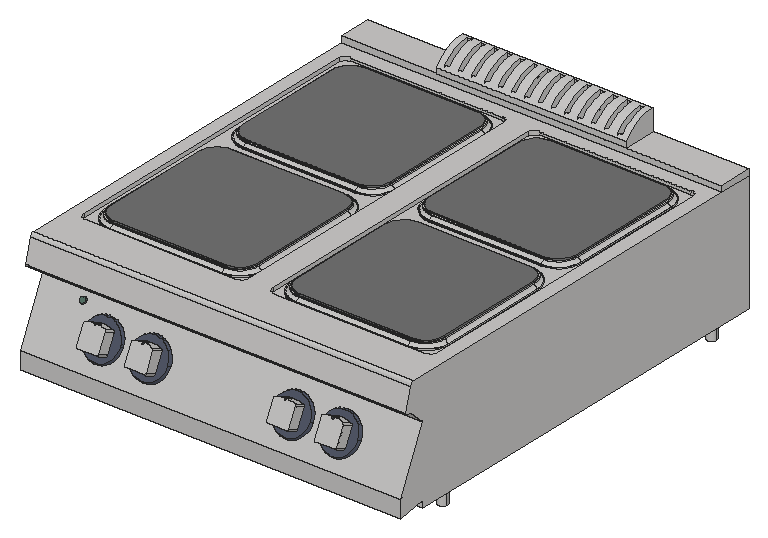
Revit family "QF_ZANUSSI_392040_Z9ECEH4Q00", category Specialty Equipment, Revit 2018
Family settings
  Round Connector Dimension = Use Diameter
  Part Type = Normal
  Work Plane-Based = No
  Always vertical = Yes
  Cut with Voids When Loaded = No
  Shared = No
  Room Calculation Point = No
Parameters
  Width = 800 mm  # constant formula
  Weight in Pounds = 69  # constant formula
  Weight = 0.00 kg
  Watts = 16000 W  # constant formula
  Volts = 400 V  # constant formula
  URL Manufacturer = "http://www.zanussiprofessional.com"
  URL Cutsheet = "www.electrolux.com/foodservice"
  URL = "http://www.zanussiprofessional.com"
  Type Mark [instance] = ""
  Steam Supply Size = 0"
  Steam Supply Minimum Pressure = 0.00 psi
  Steam Supply Maximum Pressure = 0.00 psi
  Steam Pounds per Hour = 0
  Status [instance] = ""
  Specification by User [instance] = ""
  Specification by Manufacturer = ""
  Show Logo [instance] = yes
  Show Clearance [instance] = yes
  Serial Number = ""
  Seismic Rating = ""
  SMACNA No = ""
  Revision Code [instance] = ""
  Refrigeration Suction Line Size = 0"
  Refrigeration Liquid Line Size = 0"
  Refrigerant Compressor Remote = yes
  Phase = 3  # constant formula
  Omniclass Number and Title = ""
  Number of Poles [instance] = 1
  NAFEM Spec ID Number = ""
  Model = "Z9ECEH4Q00"
  Min Ckt Ampacity = 0 A
  Max Overcurrent Protection = 0 A
  Masterspec = ""
  Manufacturer = "Zanussi"
  Length Actual = 800 mm  # constant formula
  Item Number [instance] = "392040"
  Installed By [instance] = ""
  Identify Quantity as Lot [instance] = yes
  Hot Water Size = 0"
  Height Actual = 250 mm  # constant formula
  Height = 332 mm  # constant formula
  HP = "21.5 HP"
  Gas Size = 0"
  Gas KW = 0
  Gas Input Pressure = 0.0 Btu/h
  Furnished By [instance] = ""
  Foodservice Equipment Identifier [instance] = yes
  FL Amps = if(Phase = 3, Watts / (Volts * 1.73), Watts / Volts)  # 23.1214 A
  Electrical Remarks [instance] = "400 V/3N ph/50/60 Hz"  # constant formula
  Electric Connection Type [instance] = ""
  Elec Conn RI Height [instance] = 0 mm
  Elec Conn Connection Height [instance] = 0 mm
  Direct Waste Size = 0"
  Description = "4-HOT SQUARE PL. ELEC.BOILING TOP 800 MM"
  Depth Actual = 900 mm  # constant formula
  Depth = 915 mm  # constant formula
  Cycle = if([60 Hertz Option], 60 Hz, 50 Hz)  # 60 Hz
  Conn Plug = ""
  Conn Conduit = yes
  Condensate Return Size = 0"
  Compressed Air Volume = 0 GPM
  Compressed Air Size = 0"
  Compressed Air Pressure = 0.00 psi
  Cold Water Size = 0"
  CSI MasterFormat = ""
  CSI Master Format = ""
  Base Height [instance] = 24 mm  # constant formula
  Apparent Power = if(Phase = 3, Volts * FL Amps * 1.73, Volts * FL Amps)  # 16000 VA
  Accessory = yes
  60 Hertz Option = not([50 Hertz Option])  # yes
  50 Hertz Option = no
Reference planes
  plane 1 "BACK": y = 0
  plane 2: z = 0
  plane 3 "LEFT": x = 0
  plane 4 "RIGHT": x = 800
  plane 5 "FRONT": y = -915
  plane 6 "TOP": z = 332
  plane 7 "Center Y": x = 400
  plane 8 "Center X": y = -457.5
  plane 9 "BASE": z = 24
  plane 10 "TOP A": z = 274
  plane 11: y = -790
  plane 12: y = -915
  plane 13: y = -82
  plane 14: y = -609
  plane 15: y = -583
  plane 16: y = -900
Forms (mm)
  Extrusion 1, solid, material "QF_Finishes_Stainless Steel"
    sketch origin (0, 0, 0) x (0, 1, 0) y (0, 0, 1)
      loop
        line (0, 24) -> (0, 274) -> (-879.358, 274)
        arc (-879.358, 274) -> (-884.643, 271.811) -> (-886.833, 266.526) r 7.474
        line (-886.833, 266.526) -> (-899.884, 221.011)
        arc (-899.884, 221.011) -> (-899.396, 218.379) -> (-897, 217.184) r 3
        line (-897, 217.184) -> (-886.802, 217.184) -> (-854.982, 185.364) -> (-915, 64.508) -> (-915, 29.508) -> (-858.645, 37.428)
        arc (-858.645, 37.428) -> (-856.101, 36.674) -> (-855, 34.259) r 3.2
        line (-855, 34.259) -> (-855, 24) -> (0, 24)
    from 0 to 800
  Extrusion 2, void
    sketch origin (0, -198.623, 273.238) x (-1, 0, 0) y (0, -1, 0)
      loop
        arc (-42.5, -101.089) -> (-31.893, -96.696) -> (-27.5, -86.089) r 15
        line (-27.5, -86.089) -> (-27.5, 583.262)
        arc (-27.5, 583.262) -> (-31.893, 593.868) -> (-42.5, 598.262) r 15
        line (-42.5, 598.262) -> (-359.751, 598.262)
        arc (-359.751, 598.262) -> (-370.358, 593.868) -> (-374.751, 583.262) r 15
        line (-374.751, 583.262) -> (-374.751, -86.089)
        arc (-374.751, -86.089) -> (-370.358, -96.696) -> (-359.751, -101.089) r 15
        line (-359.751, -101.089) -> (-42.5, -101.089)
      loop
        line (-757.5, -101.089) -> (-440.249, -101.089)
        arc (-440.249, -101.089) -> (-429.642, -96.696) -> (-425.249, -86.089) r 15
        line (-425.249, -86.089) -> (-425.249, 583.262)
        arc (-425.249, 583.262) -> (-429.642, 593.868) -> (-440.249, 598.262) r 15
        line (-440.249, 598.262) -> (-757.5, 598.262)
        arc (-757.5, 598.262) -> (-768.107, 593.868) -> (-772.5, 583.262) r 15
        line (-772.5, 583.262) -> (-772.5, -86.089)
        arc (-772.5, -86.089) -> (-768.107, -96.696) -> (-757.5, -101.089) r 15
    from 1.763 to -6.35
  Extrusion 3, solid, material "QF_Finishes_Stainless Steel"
    sketch origin (0, -198.623, 0) x (1, 0, 0) y (0, 1, 0)
      loop
        circle (11.112, 116.623) r 9.525
      loop
        circle (11.112, -591.377) r 9.525
      loop
        circle (788.887, 116.623) r 9.525
      loop
        circle (788.888, -591.377) r 9.525
    from 0 to 24
  Extrusion 4, solid, material "QF_Clearances", visible <- "Show Clearance", detail levels coarse
    sketch origin (0, -198.623, 0) x (1, 0, 0) y (0, 1, 0)
      loop
        line (0, -716.377) -> (0, 198.623) -> (800, 198.623) -> (800, -716.377) -> (900.019, -716.377) -> (900.019, 298.642) -> (-100.019, 298.642) -> (-100.019, -716.377) -> (0, -716.377)
    from 0 to 332
  Extrusion 5, solid, material "QF_Finishes_Stainless Steel"
    sketch origin (0, -198.623, 266.888) x (-1, 0, 0) y (0, -1, 0)
      loop
        arc (-86.725, 266.377) -> (-58.441, 278.092) -> (-46.725, 306.377) r 40
        line (-46.725, 306.377) -> (-46.725, 541.377)
        arc (-46.725, 541.377) -> (-58.441, 569.661) -> (-86.725, 581.377) r 40
        line (-86.725, 581.377) -> (-321.725, 581.377)
        arc (-321.725, 581.377) -> (-350.009, 569.661) -> (-361.725, 541.377) r 40
        line (-361.725, 541.377) -> (-361.725, 306.377)
        arc (-361.725, 306.377) -> (-350.009, 278.092) -> (-321.725, 266.377) r 40
        line (-321.725, 266.377) -> (-86.725, 266.377)
      loop
        line (-86.725, 230.796) -> (-321.725, 230.796)
        arc (-321.725, 230.796) -> (-350.009, 219.08) -> (-361.725, 190.796) r 40
        line (-361.725, 190.796) -> (-361.725, -44.204)
        arc (-361.725, -44.204) -> (-350.009, -72.488) -> (-321.725, -84.204) r 40
        line (-321.725, -84.204) -> (-86.725, -84.204)
        arc (-86.725, -84.204) -> (-58.441, -72.488) -> (-46.725, -44.204) r 40
        line (-46.725, -44.204) -> (-46.725, 190.796)
        arc (-46.725, 190.796) -> (-58.441, 219.08) -> (-86.725, 230.796) r 40
      loop
        line (-713.275, 266.377) -> (-478.275, 266.377)
        arc (-478.275, 266.377) -> (-449.991, 278.092) -> (-438.275, 306.377) r 40
        line (-438.275, 306.377) -> (-438.275, 541.377)
        arc (-438.275, 541.377) -> (-449.991, 569.661) -> (-478.275, 581.377) r 40
        line (-478.275, 581.377) -> (-713.275, 581.377)
        arc (-713.275, 581.377) -> (-741.559, 569.661) -> (-753.275, 541.377) r 40
        line (-753.275, 541.377) -> (-753.275, 306.377)
        arc (-753.275, 306.377) -> (-741.559, 278.092) -> (-713.275, 266.377) r 40
      loop
        arc (-713.275, 230.796) -> (-741.559, 219.08) -> (-753.275, 190.796) r 40
        line (-753.275, 190.796) -> (-753.275, -44.204)
        arc (-753.275, -44.204) -> (-741.559, -72.488) -> (-713.275, -84.204) r 40
        line (-713.275, -84.204) -> (-478.275, -84.204)
        arc (-478.275, -84.204) -> (-449.991, -72.488) -> (-438.275, -44.204) r 40
        line (-438.275, -44.204) -> (-438.275, 190.796)
        arc (-438.275, 190.796) -> (-449.991, 219.08) -> (-478.275, 230.796) r 40
        line (-478.275, 230.796) -> (-713.275, 230.796)
    from 0 to 10
  Sweep 6, solid, material "QF_Finishes_Stainless Steel"
    path origin (0, -198.623, 276.888) x (-1, 0, 0) y (0, -1, 0)
      loop
        line (-46.725, 306.377) -> (-46.725, 541.377)
        arc (-46.725, 541.377) -> (-58.441, 569.661) -> (-86.725, 581.377) r 40
        line (-86.725, 581.377) -> (-321.725, 581.377)
        arc (-321.725, 581.377) -> (-350.009, 569.661) -> (-361.725, 541.377) r 40
        line (-361.725, 541.377) -> (-361.725, 306.377)
        arc (-361.725, 306.377) -> (-350.009, 278.092) -> (-321.725, 266.377) r 40
        line (-321.725, 266.377) -> (-86.725, 266.377)
        arc (-86.725, 266.377) -> (-58.441, 278.092) -> (-46.725, 306.377) r 40
    profile origin (46.725, -622.5, 276.888) x (1, 0, 0) y (0, 0, 1)
      loop
        arc (0, -1.759) -> (-2.638, -5.472) -> (-6.35, -8.109) r 13.651
        line (-6.35, -8.109) -> (-8.064, -8.109) -> (-8.064, -10) -> (0, -10) -> (0, -1.759)
  Sweep 7, solid, material "QF_Finishes_Stainless Steel"
    path origin (0, 151.957, 276.888) x (-1, 0, 0) y (0, -1, 0)
      loop
        line (-46.725, 306.377) -> (-46.725, 541.377)
        arc (-46.725, 541.377) -> (-58.441, 569.661) -> (-86.725, 581.377) r 40
        line (-86.725, 581.377) -> (-321.725, 581.377)
        arc (-321.725, 581.377) -> (-350.009, 569.661) -> (-361.725, 541.377) r 40
        line (-361.725, 541.377) -> (-361.725, 306.377)
        arc (-361.725, 306.377) -> (-350.009, 278.092) -> (-321.725, 266.377) r 40
        line (-321.725, 266.377) -> (-86.725, 266.377)
        arc (-86.725, 266.377) -> (-58.441, 278.092) -> (-46.725, 306.377) r 40
    profile origin (46.725, -271.919, 276.888) x (1, 0, 0) y (0, 0, 1)
      loop
        arc (0, -1.759) -> (-2.638, -5.472) -> (-6.35, -8.109) r 13.651
        line (-6.35, -8.109) -> (-8.064, -8.109) -> (-8.064, -10) -> (0, -10) -> (0, -1.759)
  Extrusion 8, solid, material "QF_Finishes_Rubber Black"
    sketch origin (0, -198.623, 276.888) x (-1, 0, 0) y (0, -1, 0)
      loop
        arc (-49.725, 190.796) -> (-60.562, 216.959) -> (-86.725, 227.796) r 37
        line (-86.725, 227.796) -> (-321.725, 227.796)
        arc (-321.725, 227.796) -> (-347.888, 216.959) -> (-358.725, 190.796) r 37
        line (-358.725, 190.796) -> (-358.725, -44.204)
        arc (-358.725, -44.204) -> (-347.888, -70.367) -> (-321.725, -81.204) r 37
        line (-321.725, -81.204) -> (-86.725, -81.204)
        arc (-86.725, -81.204) -> (-60.562, -70.367) -> (-49.725, -44.204) r 37
        line (-49.725, -44.204) -> (-49.725, 190.796)
      loop
        arc (-86.725, 269.377) -> (-60.562, 280.214) -> (-49.725, 306.377) r 37
        line (-49.725, 306.377) -> (-49.725, 541.377)
        arc (-49.725, 541.377) -> (-60.562, 567.54) -> (-86.725, 578.377) r 37
        line (-86.725, 578.377) -> (-321.725, 578.377)
        arc (-321.725, 578.377) -> (-347.888, 567.54) -> (-358.725, 541.377) r 37
        line (-358.725, 541.377) -> (-358.725, 306.377)
        arc (-358.725, 306.377) -> (-347.888, 280.214) -> (-321.725, 269.377) r 37
        line (-321.725, 269.377) -> (-86.725, 269.377)
      loop
        line (-750.275, 190.796) -> (-750.275, -44.204)
        arc (-750.275, -44.204) -> (-739.438, -70.367) -> (-713.275, -81.204) r 37
        line (-713.275, -81.204) -> (-478.275, -81.204)
        arc (-478.275, -81.204) -> (-452.112, -70.367) -> (-441.275, -44.204) r 37
        line (-441.275, -44.204) -> (-441.275, 190.796)
        arc (-441.275, 190.796) -> (-452.112, 216.959) -> (-478.275, 227.796) r 37
        line (-478.275, 227.796) -> (-713.275, 227.796)
        arc (-713.275, 227.796) -> (-739.438, 216.959) -> (-750.275, 190.796) r 37
      loop
        line (-713.275, 269.377) -> (-478.275, 269.377)
        arc (-478.275, 269.377) -> (-452.112, 280.214) -> (-441.275, 306.377) r 37
        line (-441.275, 306.377) -> (-441.275, 541.377)
        arc (-441.275, 541.377) -> (-452.112, 567.54) -> (-478.275, 578.377) r 37
        line (-478.275, 578.377) -> (-713.275, 578.377)
        arc (-713.275, 578.377) -> (-739.438, 567.54) -> (-750.275, 541.377) r 37
        line (-750.275, 541.377) -> (-750.275, 306.377)
        arc (-750.275, 306.377) -> (-739.438, 280.214) -> (-713.275, 269.377) r 37
    from 0 to 2
  Extrusion 9, solid, material "QF_Finishes_Stainless Steel"
    sketch origin (0, -300.223, 24) x (-1, 0, 0) y (0, 1, 0)
      loop
        circle (-649, -308.777) r 12.7
    from 0 to 12.7
  Extrusion 10, solid, material "QF_Finishes_Stainless Steel"
    sketch origin (0, -300.223, 24) x (-1, 0, 0) y (0, 1, 0)
      loop
        circle (-739, -282.777) r 12.7
    from 0 to 12.7
  Extrusion 11, solid, material "QF_Finishes_Stainless Steel"
    sketch origin (200, 0, 0) x (0, 1, 0) y (0, 0, 1)
      loop
        line (0, 286.778) -> (0, 331.763)
        arc (0, 331.763) -> (-38.885, 323.372) -> (-69.85, 298.4) r 86.116
        line (-69.85, 298.4) -> (-69.85, 286.778) -> (0, 286.778)
    from 0 to 400
  Extrusion 12, void
    sketch origin (200, 0, 273.237) x (-1, 0, 0) y (0, -1, 0)
      loop
        line (-13.453, 6.761) -> (-13.453, 63.911) -> (-22.749, 63.911) -> (-22.749, 6.761) -> (-13.453, 6.761)
    from 25.4 to 63.5
  Extrusion 13, void
    sketch origin (600.05, 0, 273.237) x (1, 0, 0) y (0, 1, 0)
      loop
        line (-13.503, -6.761) -> (-22.799, -6.761) -> (-22.799, -63.911) -> (-13.503, -63.911) -> (-13.503, -6.761)
    from 25.4 to 63.5
  Extrusion 14, void
    sketch origin (227.988, 0, 273.237) x (-1, 0, 0) y (0, -1, 0)
      loop
        line (-13.453, 6.761) -> (-13.453, 63.911) -> (-22.749, 63.911) -> (-22.749, 6.761) -> (-13.453, 6.761)
    from 25.4 to 63.5
  Extrusion 15, void
    sketch origin (255.977, 0, 273.237) x (-1, 0, 0) y (0, -1, 0)
      loop
        line (-13.453, 6.761) -> (-13.453, 63.911) -> (-22.749, 63.911) -> (-22.749, 6.761) -> (-13.453, 6.761)
    from 25.4 to 63.5
  Extrusion 16, void
    sketch origin (283.965, 0, 273.237) x (-1, 0, 0) y (0, -1, 0)
      loop
        line (-13.428, 6.761) -> (-13.428, 63.911) -> (-22.724, 63.911) -> (-22.724, 6.761) -> (-13.428, 6.761)
    from 25.4 to 63.5
  Extrusion 17, void
    sketch origin (311.953, 0, 273.237) x (-1, 0, 0) y (0, -1, 0)
      loop
        line (-13.428, 6.761) -> (-13.428, 63.911) -> (-22.724, 63.911) -> (-22.724, 6.761) -> (-13.428, 6.761)
    from 25.4 to 63.5
  Extrusion 18, void
    sketch origin (339.942, 0, 273.237) x (-1, 0, 0) y (0, -1, 0)
      loop
        line (-13.428, 6.761) -> (-13.428, 63.911) -> (-22.724, 63.911) -> (-22.724, 6.761) -> (-13.428, 6.761)
    from 25.4 to 63.5
  Extrusion 19, void
    sketch origin (367.93, 0, 273.237) x (-1, 0, 0) y (0, -1, 0)
      loop
        line (-13.428, 6.761) -> (-13.428, 63.911) -> (-22.724, 63.911) -> (-22.724, 6.761) -> (-13.428, 6.761)
    from 25.4 to 63.5
  Extrusion 20, void
    sketch origin (395.918, 0, 273.237) x (-1, 0, 0) y (0, -1, 0)
      loop
        line (-13.428, 6.761) -> (-13.428, 63.911) -> (-22.724, 63.911) -> (-22.724, 6.761) -> (-13.428, 6.761)
    from 25.4 to 63.5
  Extrusion 21, void
    sketch origin (423.907, 0, 273.237) x (-1, 0, 0) y (0, -1, 0)
      loop
        line (-13.428, 6.761) -> (-13.428, 63.911) -> (-22.724, 63.911) -> (-22.724, 6.761) -> (-13.428, 6.761)
    from 25.4 to 63.5
  Extrusion 22, void
    sketch origin (451.895, 0, 273.237) x (-1, 0, 0) y (0, -1, 0)
      loop
        line (-13.428, 6.761) -> (-13.428, 63.911) -> (-22.724, 63.911) -> (-22.724, 6.761) -> (-13.428, 6.761)
    from 25.4 to 63.5
  Extrusion 23, void
    sketch origin (479.884, 0, 273.237) x (-1, 0, 0) y (0, -1, 0)
      loop
        line (-13.403, 6.761) -> (-13.403, 63.911) -> (-22.699, 63.911) -> (-22.699, 6.761) -> (-13.403, 6.761)
    from 25.4 to 63.5
  Extrusion 24, void
    sketch origin (507.872, 0, 273.237) x (-1, 0, 0) y (0, -1, 0)
      loop
        line (-13.403, 6.761) -> (-13.403, 63.911) -> (-22.699, 63.911) -> (-22.699, 6.761) -> (-13.403, 6.761)
    from 25.4 to 63.5
  Extrusion 25, void
    sketch origin (535.86, 0, 273.237) x (-1, 0, 0) y (0, -1, 0)
      loop
        line (-13.403, 6.761) -> (-13.403, 63.911) -> (-22.699, 63.911) -> (-22.699, 6.761) -> (-13.403, 6.761)
    from 25.4 to 63.5
  Sweep 26, solid, material "QF_Finishes_Stainless Steel"
    path origin (800, -198.623, 276.887) x (1, 0, 0) y (0, 1, 0)
      loop
        arc (-46.725, -306.377) -> (-58.441, -278.092) -> (-86.725, -266.377) r 40
        line (-86.725, -266.377) -> (-321.725, -266.377)
        arc (-321.725, -266.377) -> (-350.009, -278.092) -> (-361.725, -306.377) r 40
        line (-361.725, -306.377) -> (-361.725, -541.377)
        arc (-361.725, -541.377) -> (-350.009, -569.661) -> (-321.725, -581.377) r 40
        line (-321.725, -581.377) -> (-86.725, -581.377)
        arc (-86.725, -581.377) -> (-58.441, -569.661) -> (-46.725, -541.377) r 40
        line (-46.725, -541.377) -> (-46.725, -306.377)
    profile origin (753.275, -622.5, 276.888) x (1, 0, 0) y (0, 0, 1)
      loop
        line (0, -1.759) -> (0, -10) -> (8.064, -10) -> (8.064, -8.109) -> (6.35, -8.109)
        arc (6.35, -8.109) -> (2.638, -5.472) -> (0, -1.759) r 13.651
  Sweep 27, solid, material "QF_Finishes_Stainless Steel"
    path origin (800, 151.957, 276.887) x (1, 0, 0) y (0, 1, 0)
      loop
        arc (-46.725, -306.377) -> (-58.441, -278.092) -> (-86.725, -266.377) r 40
        line (-86.725, -266.377) -> (-321.725, -266.377)
        arc (-321.725, -266.377) -> (-350.009, -278.092) -> (-361.725, -306.377) r 40
        line (-361.725, -306.377) -> (-361.725, -541.377)
        arc (-361.725, -541.377) -> (-350.009, -569.661) -> (-321.725, -581.377) r 40
        line (-321.725, -581.377) -> (-86.725, -581.377)
        arc (-86.725, -581.377) -> (-58.441, -569.661) -> (-46.725, -541.377) r 40
        line (-46.725, -541.377) -> (-46.725, -306.377)
    profile origin (753.275, -271.919, 276.888) x (1, 0, 0) y (0, 0, 1)
      loop
        line (0, -1.759) -> (0, -10) -> (8.064, -10) -> (8.064, -8.109) -> (6.35, -8.109)
        arc (6.35, -8.109) -> (2.638, -5.472) -> (0, -1.759) r 13.651
  Extrusion 28, solid, material "QF_Finishes_Stainless Steel"
    sketch origin (800, 0, 0) x (0, 1, 0) y (0, 0, 1)
      loop
        line (-69.85, 274) -> (0, 274) -> (0, 286.778) -> (-69.85, 286.778) -> (-69.85, 274)
    from 0 to -800
  Extrusion 29, solid, material "QF_Finishes_Stainless Steel"
    sketch origin (250, -884.991, 124.936) x (1, 0, 0) y (0, 0.444781, 0.895639)
      loop
        arc (-21.147, 22.789) -> (-22.494, 21.685) -> (-23, 20.019) r 2.997
        line (-23, 20.019) -> (-23, -20.019)
        arc (-23, -20.019) -> (-22.122, -22.138) -> (-20.003, -23.016) r 2.997
        line (-20.003, -23.016) -> (20.003, -23.016)
        arc (20.003, -23.016) -> (22.122, -22.138) -> (23, -20.019) r 2.997
        line (23, -20.019) -> (23, 20.019)
        arc (23, 20.019) -> (22.494, 21.685) -> (21.147, 22.789) r 2.997
        arc (21.147, 22.789) -> (0, 26.984) -> (-21.147, 22.789) r 55.4
    from 10 to 34
  Extrusion 30, solid, material "QF_Plastic-Black-Matte"
    sketch origin (330, -884.991, 124.936) x (0, 0.444781, 0.895639) y (0, -0.895639, 0.444781)
      loop
        line (26.984, 34) -> (26.984, 19) -> (27.984, 19) -> (27.984, 34)
        arc (27.984, 34) -> (27.691, 34.707) -> (26.984, 35) r 1
        line (26.984, 35) -> (23.984, 35) -> (23.984, 34) -> (26.984, 34)
    from -81 to -79
  Extrusion 31, solid, material "QF_Finishes_DarkGreen"
    sketch origin (146.18, -862.752, 169.718) x (1, 0, 0) y (0, 0.444781, 0.895639)
      loop
        circle (-55.001, 0) r 6
    from 0 to 1.6
  Extrusion 32, solid, material "QF_Finishes_Stainless Steel"
    sketch origin (250, -884.991, 124.936) x (1, 0, 0) y (0, 0.444781, 0.895639)
      loop
        line (17.5, 17.5) -> (-17.5, 17.5) -> (-17.5, -17.5) -> (17.5, -17.5) -> (17.5, 17.5)
    from 5 to 10
  Extrusion 33, solid, material "QF_Finishes_Stainless Steel"
    sketch origin (150, -884.991, 124.936) x (1, 0, 0) y (0, 0.444781, 0.895639)
      loop
        arc (-21.147, 22.789) -> (-22.494, 21.685) -> (-23, 20.019) r 2.997
        line (-23, 20.019) -> (-23, -20.019)
        arc (-23, -20.019) -> (-22.122, -22.138) -> (-20.003, -23.016) r 2.997
        line (-20.003, -23.016) -> (20.003, -23.016)
        arc (20.003, -23.016) -> (22.122, -22.138) -> (23, -20.019) r 2.997
        line (23, -20.019) -> (23, 20.019)
        arc (23, 20.019) -> (22.494, 21.685) -> (21.147, 22.789) r 2.997
        arc (21.147, 22.789) -> (0, 26.984) -> (-21.147, 22.789) r 55.4
    from 10 to 34
  Extrusion 34, solid, material "QF_Finishes_Stainless Steel"
    sketch origin (150, -884.991, 124.936) x (1, 0, 0) y (0, 0.444781, 0.895639)
      loop
        line (17.5, 17.5) -> (-17.5, 17.5) -> (-17.5, -17.5) -> (17.5, -17.5) -> (17.5, 17.5)
    from 5 to 10
  Extrusion 35, solid, material "QF_Plastic-Black-Matte"
    sketch origin (115, -884.991, 124.936) x (0, 0.444781, 0.895639) y (0, 0.895639, -0.444781)
      loop
        line (26.984, -34) -> (23.984, -34) -> (23.984, -35) -> (26.984, -35)
        arc (26.984, -35) -> (27.691, -34.707) -> (27.984, -34) r 1
        line (27.984, -34) -> (27.984, -19) -> (26.984, -19) -> (26.984, -34)
    from -36 to -34
  Blend 36, solid, material "QF_Finishes_Navy Blue"
    base sketch origin (250, -884.991, 124.936) x (1, 0, 0) y (0, 0.444781, 0.895639)
      loop
        circle (0, 0) r 42.5
    top sketch origin (250, -884.991, 124.936) x (1, 0, 0) y (0, 0.444781, 0.895639)
      loop
        circle (0, 0) r 40.5
    from 0 to 5
  Blend 37, solid, material "QF_Finishes_Navy Blue"
    base sketch origin (150, -884.991, 124.936) x (1, 0, 0) y (0, 0.444781, 0.895639)
      loop
        circle (0, 0) r 42.5
    top sketch origin (150, -884.991, 124.936) x (1, 0, 0) y (0, 0.444781, 0.895639)
      loop
        circle (0, 0) r 40.5
    from 0 to 5
  Extrusion 38, solid, material "QF_Finishes_Stainless Steel"
    sketch origin (650, -884.991, 124.936) x (1, 0, 0) y (0, 0.444781, 0.895639)
      loop
        arc (-21.147, 22.789) -> (-22.494, 21.685) -> (-23, 20.019) r 2.997
        line (-23, 20.019) -> (-23, -20.019)
        arc (-23, -20.019) -> (-22.122, -22.138) -> (-20.003, -23.016) r 2.997
        line (-20.003, -23.016) -> (20.003, -23.016)
        arc (20.003, -23.016) -> (22.122, -22.138) -> (23, -20.019) r 2.997
        line (23, -20.019) -> (23, 20.019)
        arc (23, 20.019) -> (22.494, 21.685) -> (21.147, 22.789) r 2.997
        arc (21.147, 22.789) -> (0, 26.984) -> (-21.147, 22.789) r 55.4
    from 10 to 34
  Extrusion 39, solid, material "QF_Plastic-Black-Matte"
    sketch origin (730, -884.991, 124.936) x (0, 0.444781, 0.895639) y (0, -0.895639, 0.444781)
      loop
        line (26.984, 34) -> (26.984, 19) -> (27.984, 19) -> (27.984, 34)
        arc (27.984, 34) -> (27.691, 34.707) -> (26.984, 35) r 1
        line (26.984, 35) -> (23.984, 35) -> (23.984, 34) -> (26.984, 34)
    from -81 to -79
  Extrusion 40, solid, material "QF_Finishes_Stainless Steel"
    sketch origin (650, -884.991, 124.936) x (1, 0, 0) y (0, 0.444781, 0.895639)
      loop
        line (17.5, 17.5) -> (-17.5, 17.5) -> (-17.5, -17.5) -> (17.5, -17.5) -> (17.5, 17.5)
    from 5 to 10
  Extrusion 41, solid, material "QF_Finishes_Stainless Steel"
    sketch origin (550, -884.991, 124.936) x (1, 0, 0) y (0, 0.444781, 0.895639)
      loop
        arc (-21.147, 22.789) -> (-22.494, 21.685) -> (-23, 20.019) r 2.997
        line (-23, 20.019) -> (-23, -20.019)
        arc (-23, -20.019) -> (-22.122, -22.138) -> (-20.003, -23.016) r 2.997
        line (-20.003, -23.016) -> (20.003, -23.016)
        arc (20.003, -23.016) -> (22.122, -22.138) -> (23, -20.019) r 2.997
        line (23, -20.019) -> (23, 20.019)
        arc (23, 20.019) -> (22.494, 21.685) -> (21.147, 22.789) r 2.997
        arc (21.147, 22.789) -> (0, 26.984) -> (-21.147, 22.789) r 55.4
    from 10 to 34
  Extrusion 42, solid, material "QF_Finishes_Stainless Steel"
    sketch origin (550, -884.991, 124.936) x (1, 0, 0) y (0, 0.444781, 0.895639)
      loop
        line (17.5, 17.5) -> (-17.5, 17.5) -> (-17.5, -17.5) -> (17.5, -17.5) -> (17.5, 17.5)
    from 5 to 10
  Extrusion 43, solid, material "QF_Plastic-Black-Matte"
    sketch origin (515, -884.991, 124.936) x (0, 0.444781, 0.895639) y (0, 0.895639, -0.444781)
      loop
        line (26.984, -34) -> (23.984, -34) -> (23.984, -35) -> (26.984, -35)
        arc (26.984, -35) -> (27.691, -34.707) -> (27.984, -34) r 1
        line (27.984, -34) -> (27.984, -19) -> (26.984, -19) -> (26.984, -34)
    from -36 to -34
  Blend 44, solid, material "QF_Finishes_Navy Blue"
    base sketch origin (650, -884.991, 124.936) x (1, 0, 0) y (0, 0.444781, 0.895639)
      loop
        circle (0, 0) r 42.5
    top sketch origin (650, -884.991, 124.936) x (1, 0, 0) y (0, 0.444781, 0.895639)
      loop
        circle (0, 0) r 40.5
    from 0 to 5
  Blend 45, solid, material "QF_Finishes_Navy Blue"
    base sketch origin (550, -884.991, 124.936) x (1, 0, 0) y (0, 0.444781, 0.895639)
      loop
        circle (0, 0) r 42.5
    top sketch origin (550, -884.991, 124.936) x (1, 0, 0) y (0, 0.444781, 0.895639)
      loop
        circle (0, 0) r 40.5
    from 0 to 5
Cuts and joins
  Extrusion 2 cuts Extrusion 1
  Extrusion 2 cuts Extrusion 5
  Extrusion 12, Extrusion 13, Extrusion 14, Extrusion 15, Extrusion 16, Extrusion 17, Extrusion 18, Extrusion 19, Extrusion 20, Extrusion 21, Extrusion 22, Extrusion 23, Extrusion 24, Extrusion 25 cuts Extrusion 11
Lines and regions (mm)
  Split face 1
    outline origin (249.901, -889.469, 127.16) x (1, 0, 0) y (0, 0.444781, 0.895639)
      loop
        line (-8.901, 38.561) -> (-8.901, 28.561) -> (-2.901, 28.561) -> (-2.901, 38.561) -> (-8.901, 38.561)
  Split face 2
    outline origin (249.901, -889.469, 127.16) x (1, 0, 0) y (0, 0.444781, 0.895639)
      loop
        line (-8.401, 38.061) -> (-8.401, 29.061) -> (-3.401, 29.061) -> (-3.401, 38.061) -> (-8.401, 38.061)
  Split face 3
    outline origin (249.901, -889.469, 127.16) x (1, 0, 0) y (0, 0.444781, 0.895639)
      loop
        line (-8.401, 34.061) -> (-3.401, 34.061)
  Split face 4
    outline origin (249.901, -889.469, 127.16) x (1, 0, 0) y (0, 0.444781, 0.895639)
      loop
        line (-8.401, 33.561) -> (-3.401, 33.561)
  Split face 5
    outline origin (249.901, -889.469, 127.16) x (1, 0, 0) y (0, 0.444781, 0.895639)
      loop
        circle (-5.901, 31.311) r 2.029
  Split face 6
    outline origin (250, -889.469, 127.16) x (0, -0.444781, -0.895639) y (1, 0, 0)
      loop
        circle (-34, 0) r 1.5
  Split face 7
    outline origin (150, -889.469, 127.16) x (0, -0.444781, -0.895639) y (1, 0, 0)
      loop
        circle (-34, 0) r 1.5
  Split face 8
    outline origin (144, -889.469, 127.16) x (1, 0, 0) y (0, 0.444781, 0.895639)
      loop
        line (-3, 38.561) -> (-3, 28.561) -> (3, 28.561) -> (3, 38.561) -> (-3, 38.561)
  Split face 9
    outline origin (144, -889.469, 127.16) x (1, 0, 0) y (0, 0.444781, 0.895639)
      loop
        line (-2.5, 38.061) -> (-2.5, 29.061) -> (2.5, 29.061) -> (2.5, 38.061) -> (-2.5, 38.061)
  Split face 10
    outline origin (144, -889.469, 127.16) x (1, 0, 0) y (0, 0.444781, 0.895639)
      loop
        line (-2.5, 33.561) -> (2.5, 33.561)
  Split face 11
    outline origin (144, -889.469, 127.16) x (1, 0, 0) y (0, 0.444781, 0.895639)
      loop
        line (-2.5, 33.061) -> (2.5, 33.061)
  Split face 12
    outline origin (144, -889.469, 127.16) x (1, 0, 0) y (0, 0.444781, 0.895639)
      loop
        circle (0, 35.811) r 2.031
  Split face 13
    outline origin (250, -889.469, 127.16) x (0.5, 0.385192, 0.775646) y (-0.866025, 0.222391, 0.44782)
      loop
        circle (-34, 0) r 1.5
  Split face 14
    outline origin (250, -889.469, 127.16) x (0.766044, -0.2859, -0.575706) y (0.642788, 0.340722, 0.686099)
      loop
        circle (-34, 0) r 1.5
  Split face 15
    outline origin (250, -889.469, 127.16) x (0.984808, 0.077235, 0.155526) y (-0.173648, 0.438024, 0.882032)
      loop
        circle (-34, 0) r 1.5
  Split face 16
    outline origin (250, -889.469, 127.16) x (0.984808, 0.077235, 0.155526) y (0.173648, -0.438024, -0.882032)
      loop
        circle (31.95, 11.629) r 1.5
  Split face 17
    outline origin (250, -889.469, 127.16) x (-0.5, 0.385192, 0.775646) y (0.866025, 0.222391, 0.44782)
      loop
        circle (-34, 0) r 1.5
  Split face 18
    outline origin (250, -889.469, 127.16) x (-0.766044, -0.2859, -0.575706) y (-0.642788, 0.340722, 0.686099)
      loop
        circle (-34, 0) r 1.5
  Split face 19
    outline origin (150, -889.469, 127.16) x (0.5, 0.385192, 0.775646) y (-0.866025, 0.222391, 0.44782)
      loop
        circle (-34, 0) r 1.5
  Split face 20
    outline origin (150, -889.469, 127.16) x (0.766044, -0.2859, -0.575706) y (0.642788, 0.340722, 0.686099)
      loop
        circle (-34, 0) r 1.5
  Split face 21
    outline origin (150, -889.469, 127.16) x (0.984808, 0.077235, 0.155526) y (-0.173648, 0.438024, 0.882032)
      loop
        circle (-34, 0) r 1.5
  Split face 22
    outline origin (150, -889.469, 127.16) x (-0.5, 0.385192, 0.775646) y (0.866025, 0.222391, 0.44782)
      loop
        circle (-34, 0) r 1.5
  Split face 23
    outline origin (150, -889.469, 127.16) x (-0.766044, -0.2859, -0.575706) y (-0.642788, 0.340722, 0.686099)
      loop
        circle (-34, 0) r 1.5
  Split face 24
    outline origin (150, -889.469, 127.16) x (-0.984808, 0.077235, 0.155526) y (0.173648, 0.438024, 0.882032)
      loop
        circle (-34, 0) r 1.5
  Split face 25
    outline origin (649.901, -889.469, 127.16) x (1, 0, 0) y (0, 0.444781, 0.895639)
      loop
        line (-8.901, 38.561) -> (-8.901, 28.561) -> (-2.901, 28.561) -> (-2.901, 38.561) -> (-8.901, 38.561)
  Split face 26
    outline origin (649.901, -889.469, 127.16) x (1, 0, 0) y (0, 0.444781, 0.895639)
      loop
        line (-8.401, 38.061) -> (-8.401, 29.061) -> (-3.401, 29.061) -> (-3.401, 38.061) -> (-8.401, 38.061)
  Split face 27
    outline origin (649.901, -889.469, 127.16) x (1, 0, 0) y (0, 0.444781, 0.895639)
      loop
        line (-8.401, 34.061) -> (-3.401, 34.061)
  Split face 28
    outline origin (649.901, -889.469, 127.16) x (1, 0, 0) y (0, 0.444781, 0.895639)
      loop
        line (-8.401, 33.561) -> (-3.401, 33.561)
  Split face 29
    outline origin (649.901, -889.469, 127.16) x (1, 0, 0) y (0, 0.444781, 0.895639)
      loop
        circle (-5.901, 31.311) r 2.029
  Split face 30
    outline origin (650, -889.469, 127.16) x (0, -0.444781, -0.895639) y (1, 0, 0)
      loop
        circle (-34, 0) r 1.5
  Split face 31
    outline origin (550, -889.469, 127.16) x (0, -0.444781, -0.895639) y (1, 0, 0)
      loop
        circle (-34, 0) r 1.5
  Split face 32
    outline origin (544, -889.469, 127.16) x (1, 0, 0) y (0, 0.444781, 0.895639)
      loop
        line (-3, 38.561) -> (-3, 28.561) -> (3, 28.561) -> (3, 38.561) -> (-3, 38.561)
  Split face 33
    outline origin (544, -889.469, 127.16) x (1, 0, 0) y (0, 0.444781, 0.895639)
      loop
        line (-2.5, 38.061) -> (-2.5, 29.061) -> (2.5, 29.061) -> (2.5, 38.061) -> (-2.5, 38.061)
  Split face 34
    outline origin (544, -889.469, 127.16) x (1, 0, 0) y (0, 0.444781, 0.895639)
      loop
        line (-2.5, 33.561) -> (2.5, 33.561)
  Split face 35
    outline origin (544, -889.469, 127.16) x (1, 0, 0) y (0, 0.444781, 0.895639)
      loop
        line (-2.5, 33.061) -> (2.5, 33.061)
  Split face 36
    outline origin (544, -889.469, 127.16) x (1, 0, 0) y (0, 0.444781, 0.895639)
      loop
        circle (0, 35.811) r 2.031
  Split face 37
    outline origin (650, -889.469, 127.16) x (0.5, 0.385192, 0.775646) y (-0.866025, 0.222391, 0.44782)
      loop
        circle (-34, 0) r 1.5
  Split face 38
    outline origin (650, -889.469, 127.16) x (0.766044, -0.2859, -0.575706) y (0.642788, 0.340722, 0.686099)
      loop
        circle (-34, 0) r 1.5
  Split face 39
    outline origin (650, -889.469, 127.16) x (0.984808, 0.077235, 0.155526) y (-0.173648, 0.438024, 0.882032)
      loop
        circle (-34, 0) r 1.5
  Split face 40
    outline origin (650, -889.469, 127.16) x (0.984808, 0.077235, 0.155526) y (0.173648, -0.438024, -0.882032)
      loop
        circle (31.95, 11.629) r 1.5
  Split face 41
    outline origin (650, -889.469, 127.16) x (-0.5, 0.385192, 0.775646) y (0.866025, 0.222391, 0.44782)
      loop
        circle (-34, 0) r 1.5
  Split face 42
    outline origin (650, -889.469, 127.16) x (-0.766044, -0.2859, -0.575706) y (-0.642788, 0.340722, 0.686099)
      loop
        circle (-34, 0) r 1.5
  Split face 43
    outline origin (550, -889.469, 127.16) x (0.5, 0.385192, 0.775646) y (-0.866025, 0.222391, 0.44782)
      loop
        circle (-34, 0) r 1.5
  Split face 44
    outline origin (550, -889.469, 127.16) x (0.766044, -0.2859, -0.575706) y (0.642788, 0.340722, 0.686099)
      loop
        circle (-34, 0) r 1.5
  Split face 45
    outline origin (550, -889.469, 127.16) x (0.984808, 0.077235, 0.155526) y (-0.173648, 0.438024, 0.882032)
      loop
        circle (-34, 0) r 1.5
  Split face 46
    outline origin (550, -889.469, 127.16) x (-0.5, 0.385192, 0.775646) y (0.866025, 0.222391, 0.44782)
      loop
        circle (-34, 0) r 1.5
  Split face 47
    outline origin (550, -889.469, 127.16) x (-0.766044, -0.2859, -0.575706) y (-0.642788, 0.340722, 0.686099)
      loop
        circle (-34, 0) r 1.5
  Split face 48
    outline origin (550, -889.469, 127.16) x (-0.984808, 0.077235, 0.155526) y (0.173648, 0.438024, 0.882032)
      loop
        circle (-34, 0) r 1.5
  symbolic lines, style "QF_Clearances", visible <- "Show Clearance", detail levels coarse
    curve 1: line (-100.019, 100.019, 274) -> (-100.019, -915, 274)
    curve 2: line (900.019, 100.019, 274) -> (-100.019, 100.019, 274)
    curve 3: line (900.019, -915, 274) -> (900.019, 100.019, 274)
  symbolic lines
    curve 4: line (27.5, -781.885, 266.888) -> (27.5, -112.534, 266.888)
    curve 5: line (42.5, -97.534, 266.888) -> (359.751, -97.534, 266.887)
    curve 6: line (374.751, -112.534, 266.887) -> (374.751, -781.885, 266.887)
    curve 7: line (359.751, -796.885, 266.887) -> (42.5, -796.885, 266.888)
    curve 8: arc (42.5, -97.534, 266.888) -> (31.893, -101.928, 266.888) -> (27.5, -112.534, 266.888) r 15
    curve 9: arc (374.751, -112.534, 266.887) -> (370.358, -101.928, 266.887) -> (359.751, -97.534, 266.887) r 15
    curve 10: arc (359.751, -796.885, 266.887) -> (370.358, -792.492, 266.887) -> (374.751, -781.885, 266.887) r 15
    curve 11: arc (27.5, -781.885, 266.888) -> (31.893, -792.492, 266.888) -> (42.5, -796.885, 266.888) r 15
    curve 12: arc (86.725, -117.419, 266.888) -> (60.562, -128.256, 266.888) -> (49.725, -154.419, 266.888) r 37
    curve 13: line (49.725, -154.419, 266.888) -> (49.725, -381.919, 266.888)
    curve 14: arc (49.725, -381.919, 266.888) -> (60.562, -408.082, 266.888) -> (86.725, -418.919, 266.888) r 37
    curve 15: line (86.725, -418.919, 266.888) -> (321.725, -418.919, 266.887)
    curve 16: arc (321.725, -418.919, 266.887) -> (347.888, -408.082, 266.887) -> (358.725, -381.919, 266.887) r 37
    curve 17: line (358.725, -381.919, 266.887) -> (358.725, -154.419, 266.887)
    curve 18: arc (358.725, -154.419, 266.887) -> (347.888, -128.256, 266.887) -> (321.725, -117.419, 266.887) r 37
    curve 19: line (321.725, -117.419, 266.887) -> (86.725, -117.419, 266.888)
    curve 20: arc (86.725, -114.419, 266.888) -> (58.441, -126.135, 266.888) -> (46.725, -154.419, 266.888) r 40
    curve 21: line (46.725, -154.419, 266.888) -> (46.725, -381.919, 266.888)
    curve 22: arc (46.725, -381.919, 266.888) -> (58.441, -410.204, 266.888) -> (86.725, -421.919, 266.888) r 40
    curve 23: line (86.725, -421.919, 266.888) -> (321.725, -421.919, 266.887)
    curve 24: arc (321.725, -421.919, 266.887) -> (350.009, -410.204, 266.887) -> (361.725, -381.919, 266.887) r 40
    curve 25: line (361.725, -381.919, 266.887) -> (361.725, -154.419, 266.887)
    curve 26: arc (361.725, -154.419, 266.887) -> (350.009, -126.135, 266.887) -> (321.725, -114.419, 266.887) r 40
    curve 27: line (321.725, -114.419, 266.887) -> (86.725, -114.419, 266.888)
    curve 28: arc (40.375, -154.419, 266.888) -> (53.951, -121.645, 266.888) -> (86.725, -108.069, 266.888) r 46.35
    curve 29: line (86.725, -108.069, 266.888) -> (321.725, -108.069, 266.887)
    curve 30: arc (321.725, -108.069, 266.887) -> (354.499, -121.645, 266.887) -> (368.075, -154.419, 266.887) r 46.35
    curve 31: line (368.075, -154.419, 266.887) -> (368.075, -381.919, 266.887)
    curve 32: arc (368.075, -381.919, 266.887) -> (354.499, -414.694, 266.887) -> (321.725, -428.269, 266.887) r 46.35
    curve 33: line (321.725, -428.269, 266.887) -> (86.725, -428.269, 266.888)
    curve 34: arc (86.725, -428.269, 266.888) -> (53.951, -414.694, 266.888) -> (40.375, -381.919, 266.888) r 46.35
    curve 35: line (40.375, -381.919, 266.888) -> (40.375, -154.419, 266.888)
    curve 36: arc (86.725, -106.355, 266.888) -> (52.738, -120.433, 266.888) -> (38.661, -154.419, 266.888) r 48.064
    curve 37: line (38.661, -154.419, 266.888) -> (38.661, -381.919, 266.888)
    curve 38: arc (38.661, -381.919, 266.888) -> (52.738, -415.906, 266.888) -> (86.725, -429.984, 266.888) r 48.064
    curve 39: line (86.725, -429.984, 266.888) -> (321.725, -429.984, 266.887)
    curve 40: arc (321.725, -429.984, 266.887) -> (355.712, -415.906, 266.887) -> (369.789, -381.919, 266.887) r 48.064
    curve 41: line (369.789, -381.919, 266.887) -> (369.789, -154.419, 266.887)
    curve 42: arc (369.789, -154.419, 266.887) -> (355.712, -120.433, 266.887) -> (321.725, -106.355, 266.887) r 48.064
    curve 43: line (321.725, -106.355, 266.887) -> (86.725, -106.355, 266.888)
    curve 44: arc (86.725, -457.5, 266.888) -> (58.441, -469.216, 266.888) -> (46.725, -497.5, 266.888) r 40
    curve 45: line (46.725, -497.5, 266.888) -> (46.725, -740, 266.888)
    curve 46: arc (46.725, -740, 266.888) -> (58.441, -768.284, 266.888) -> (86.725, -780, 266.888) r 40
    curve 47: line (86.725, -780, 266.888) -> (321.725, -780, 266.887)
    curve 48: arc (321.725, -780, 266.887) -> (350.009, -768.284, 266.887) -> (361.725, -740, 266.887) r 40
    curve 49: line (361.725, -740, 266.887) -> (361.725, -497.5, 266.887)
    curve 50: arc (361.725, -497.5, 266.887) -> (350.009, -469.216, 266.887) -> (321.725, -457.5, 266.887) r 40
    curve 51: line (321.725, -457.5, 266.887) -> (86.725, -457.5, 266.888)
    curve 52: arc (86.725, -460.5, 266.888) -> (60.562, -471.337, 266.888) -> (49.725, -497.5, 266.888) r 37
    curve 53: line (49.725, -497.5, 266.888) -> (49.725, -740, 266.888)
    curve 54: arc (49.725, -740, 266.888) -> (60.562, -766.163, 266.888) -> (86.725, -777, 266.888) r 37
    curve 55: line (86.725, -777, 266.888) -> (321.725, -777, 266.887)
    curve 56: arc (321.725, -777, 266.887) -> (347.888, -766.163, 266.887) -> (358.725, -740, 266.887) r 37
    curve 57: line (358.725, -740, 266.887) -> (358.725, -497.5, 266.887)
    curve 58: arc (358.725, -497.5, 266.887) -> (347.888, -471.337, 266.887) -> (321.725, -460.5, 266.887) r 37
    curve 59: line (321.725, -460.5, 266.887) -> (86.725, -460.5, 266.888)
    curve 60: line (0, -915, 266.888) -> (0, 0, 266.888)
    curve 61: line (222.724, -6.761, 274) -> (222.724, -63.911, 274)
    curve 62: line (222.724, -63.911, 274) -> (213.428, -63.911, 274)
    curve 63: line (213.428, -63.911, 274) -> (213.428, -6.761, 274)
    curve 64: line (213.428, -6.761, 274) -> (222.724, -6.761, 274)
    curve 65: line (586.547, -6.761, 274) -> (586.547, -63.911, 274)
    curve 66: line (586.547, -63.911, 274) -> (577.251, -63.911, 274)
    curve 67: line (577.251, -63.911, 274) -> (577.251, -6.761, 274)
    curve 68: line (577.251, -6.761, 274) -> (586.547, -6.761, 274)
    curve 69: line (250.712, -6.761, 274) -> (250.712, -63.911, 274)
    curve 70: line (250.712, -63.911, 274) -> (241.416, -63.911, 274)
    curve 71: line (241.416, -63.911, 274) -> (241.416, -6.761, 274)
    curve 72: line (241.416, -6.761, 274) -> (250.712, -6.761, 274)
    curve 73: line (278.7, -6.761, 274) -> (278.7, -63.911, 274)
    curve 74: line (278.7, -63.911, 274) -> (269.405, -63.911, 274)
    curve 75: line (269.405, -63.911, 274) -> (269.405, -6.761, 274)
    curve 76: line (269.405, -6.761, 274) -> (278.7, -6.761, 274)
    curve 77: line (306.689, -6.761, 274) -> (306.689, -63.911, 274)
    curve 78: line (306.689, -63.911, 274) -> (297.393, -63.911, 274)
    curve 79: line (297.393, -63.911, 274) -> (297.393, -6.761, 274)
    curve 80: line (297.393, -6.761, 274) -> (306.689, -6.761, 274)
    curve 81: line (334.677, -6.761, 274) -> (334.677, -63.911, 274)
    curve 82: line (334.677, -63.911, 274) -> (325.381, -63.911, 274)
    curve 83: line (325.381, -63.911, 274) -> (325.381, -6.761, 274)
    curve 84: line (325.381, -6.761, 274) -> (334.677, -6.761, 274)
    curve 85: line (362.665, -6.761, 274) -> (362.665, -63.911, 274)
    curve 86: line (362.665, -63.911, 274) -> (353.37, -63.911, 274)
    curve 87: line (353.37, -63.911, 274) -> (353.37, -6.761, 274)
    curve 88: line (353.37, -6.761, 274) -> (362.665, -6.761, 274)
    curve 89: line (390.654, -6.761, 274) -> (390.654, -63.911, 274)
    curve 90: line (390.654, -63.911, 274) -> (381.358, -63.911, 274)
    curve 91: line (381.358, -63.911, 274) -> (381.358, -6.761, 274)
    curve 92: line (381.358, -6.761, 274) -> (390.654, -6.761, 274)
    curve 93: line (418.642, -6.761, 274) -> (418.642, -63.911, 274)
    curve 94: line (418.642, -63.911, 274) -> (409.346, -63.911, 274)
    curve 95: line (409.346, -63.911, 274) -> (409.346, -6.761, 274)
    curve 96: line (409.346, -6.761, 274) -> (418.642, -6.761, 274)
    curve 97: line (446.605, -6.761, 274) -> (446.605, -63.911, 274)
    curve 98: line (446.605, -63.911, 274) -> (437.31, -63.911, 274)
    curve 99: line (437.31, -63.911, 274) -> (437.31, -6.761, 274)
    curve 100: line (437.31, -6.761, 274) -> (446.605, -6.761, 274)
    curve 101: line (474.594, -6.761, 274) -> (474.594, -63.911, 274)
    curve 102: line (474.594, -63.911, 274) -> (465.298, -63.911, 274)
    curve 103: line (465.298, -63.911, 274) -> (465.298, -6.761, 274)
    curve 104: line (465.298, -6.761, 274) -> (474.594, -6.761, 274)
    curve 105: line (502.582, -6.761, 274) -> (502.582, -63.911, 274)
    curve 106: line (502.582, -63.911, 274) -> (493.286, -63.911, 274)
    curve 107: line (493.286, -63.911, 274) -> (493.286, -6.761, 274)
    curve 108: line (493.286, -6.761, 274) -> (502.582, -6.761, 274)
    curve 109: line (530.57, -6.761, 274) -> (530.57, -63.911, 274)
    curve 110: line (530.57, -63.911, 274) -> (521.275, -63.911, 274)
    curve 111: line (521.275, -63.911, 274) -> (521.275, -6.761, 274)
    curve 112: line (521.275, -6.761, 274) -> (530.57, -6.761, 274)
    curve 113: line (558.559, -6.761, 274) -> (558.559, -63.911, 274)
    curve 114: line (558.559, -63.911, 274) -> (549.263, -63.911, 274)
    curve 115: line (549.263, -63.911, 274) -> (549.263, -6.761, 274)
    curve 116: line (549.263, -6.761, 274) -> (558.559, -6.761, 274)
    curve 117: line (600, -69.85, 274) -> (200, -69.85, 274)
    curve 118: line (200, 0, 266.887) -> (200, -69.85, 266.887)
    curve 119: line (600, -69.85, 266.887) -> (600, 0, 266.887)
    curve 120: arc (713.275, -117.419, 266.887) -> (739.438, -128.256, 266.887) -> (750.275, -154.419, 266.887) r 37
    curve 121: line (750.275, -154.419, 266.887) -> (750.275, -381.919, 266.887)
    curve 122: arc (750.275, -381.919, 266.887) -> (739.438, -408.082, 266.887) -> (713.275, -418.919, 266.887) r 37
    curve 123: line (713.275, -418.919, 266.887) -> (478.275, -418.919, 266.887)
    curve 124: arc (478.275, -418.919, 266.887) -> (452.112, -408.082, 266.887) -> (441.275, -381.919, 266.887) r 37
    curve 125: line (441.275, -381.919, 266.887) -> (441.275, -154.419, 266.887)
    curve 126: arc (441.275, -154.419, 266.887) -> (452.112, -128.256, 266.887) -> (478.275, -117.419, 266.887) r 37
    curve 127: line (478.275, -117.419, 266.887) -> (713.275, -117.419, 266.888)
    curve 128: arc (713.275, -114.419, 266.887) -> (741.559, -126.135, 266.887) -> (753.275, -154.419, 266.887) r 40
    curve 129: line (753.275, -154.419, 266.887) -> (753.275, -381.919, 266.887)
    curve 130: arc (753.275, -381.919, 266.887) -> (741.559, -410.204, 266.887) -> (713.275, -421.919, 266.887) r 40
    curve 131: line (713.275, -421.919, 266.887) -> (478.275, -421.919, 266.887)
    curve 132: arc (478.275, -421.919, 266.887) -> (449.991, -410.204, 266.887) -> (438.275, -381.919, 266.887) r 40
    curve 133: line (438.275, -381.919, 266.887) -> (438.275, -154.419, 266.887)
    curve 134: arc (438.275, -154.419, 266.887) -> (449.991, -126.135, 266.887) -> (478.275, -114.419, 266.887) r 40
    curve 135: line (478.275, -114.419, 266.887) -> (713.275, -114.419, 266.888)
    curve 136: arc (759.625, -154.419, 266.887) -> (746.049, -121.645, 266.887) -> (713.275, -108.069, 266.887) r 46.35
    curve 137: line (713.275, -108.069, 266.888) -> (478.275, -108.069, 266.887)
    curve 138: arc (478.275, -108.069, 266.887) -> (445.501, -121.645, 266.887) -> (431.925, -154.419, 266.887) r 46.35
    curve 139: line (431.925, -154.419, 266.887) -> (431.925, -381.919, 266.887)
    curve 140: arc (431.925, -381.919, 266.887) -> (445.501, -414.694, 266.887) -> (478.275, -428.269, 266.887) r 46.35
    curve 141: line (478.275, -428.269, 266.887) -> (713.275, -428.269, 266.887)
    curve 142: arc (713.275, -428.269, 266.887) -> (746.049, -414.694, 266.887) -> (759.625, -381.919, 266.887) r 46.35
    curve 143: line (759.625, -381.919, 266.887) -> (759.625, -154.419, 266.887)
    curve 144: arc (713.275, -106.355, 266.887) -> (747.262, -120.433, 266.887) -> (761.339, -154.419, 266.887) r 48.064
    curve 145: line (761.339, -154.419, 266.887) -> (761.339, -381.919, 266.887)
    curve 146: arc (761.339, -381.919, 266.887) -> (747.262, -415.906, 266.887) -> (713.275, -429.984, 266.887) r 48.064
    curve 147: line (713.275, -429.984, 266.887) -> (478.275, -429.984, 266.887)
    curve 148: arc (478.275, -429.984, 266.887) -> (444.288, -415.906, 266.887) -> (430.211, -381.919, 266.887) r 48.064
    curve 149: line (430.211, -381.919, 266.887) -> (430.211, -154.419, 266.887)
    curve 150: arc (430.211, -154.419, 266.887) -> (444.288, -120.433, 266.887) -> (478.275, -106.355, 266.887) r 48.064
    curve 151: line (478.275, -106.355, 266.887) -> (713.275, -106.355, 266.888)
    curve 152: line (86.725, -451.15, 266.888) -> (321.725, -451.15, 266.887)
    curve 153: arc (321.725, -451.15, 266.887) -> (354.499, -464.726, 266.887) -> (368.075, -497.5, 266.887) r 46.35
    curve 154: line (368.075, -497.5, 266.887) -> (368.075, -740, 266.887)
    curve 155: arc (368.075, -740, 266.887) -> (354.499, -772.774, 266.887) -> (321.725, -786.35, 266.887) r 46.35
    curve 156: line (321.725, -786.35, 266.887) -> (86.725, -786.35, 266.888)
    curve 157: arc (86.725, -786.35, 266.888) -> (53.951, -772.774, 266.888) -> (40.375, -740, 266.888) r 46.35
    curve 158: line (40.375, -740, 266.888) -> (40.375, -497.5, 266.888)
    curve 159: arc (40.375, -497.5, 266.888) -> (53.951, -464.726, 266.888) -> (86.725, -451.15, 266.888) r 46.35
    curve 160: line (321.725, -449.436, 266.887) -> (86.725, -449.436, 266.888)
    curve 161: arc (86.725, -449.436, 266.888) -> (52.738, -463.513, 266.888) -> (38.661, -497.5, 266.888) r 48.064
    curve 162: line (38.661, -497.5, 266.888) -> (38.661, -740, 266.888)
    curve 163: arc (38.661, -740, 266.888) -> (52.738, -773.987, 266.888) -> (86.725, -788.064, 266.888) r 48.064
    curve 164: line (86.725, -788.064, 266.888) -> (321.725, -788.064, 266.887)
    curve 165: arc (321.725, -788.064, 266.887) -> (355.712, -773.987, 266.887) -> (369.789, -740, 266.887) r 48.064
    curve 166: line (369.789, -740, 266.887) -> (369.789, -497.5, 266.887)
    curve 167: arc (369.789, -497.5, 266.887) -> (355.712, -463.513, 266.887) -> (321.725, -449.436, 266.887) r 48.064
    curve 168: arc (478.275, -460.5, 266.887) -> (452.112, -471.337, 266.887) -> (441.275, -497.5, 266.887) r 37
    curve 169: line (441.275, -497.5, 266.887) -> (441.275, -740, 266.887)
    curve 170: arc (441.275, -740, 266.887) -> (452.112, -766.163, 266.887) -> (478.275, -777, 266.887) r 37
    curve 171: line (478.275, -777, 266.887) -> (713.275, -777, 266.887)
    curve 172: arc (713.275, -777, 266.887) -> (739.438, -766.163, 266.887) -> (750.275, -740, 266.887) r 37
    curve 173: line (750.275, -740, 266.887) -> (750.275, -497.5, 266.887)
    curve 174: arc (750.275, -497.5, 266.887) -> (739.438, -471.337, 266.887) -> (713.275, -460.5, 266.887) r 37
    curve 175: line (713.275, -460.5, 266.887) -> (478.275, -460.5, 266.887)
    curve 176: line (438.275, -497.5, 266.887) -> (438.275, -740, 266.887)
    curve 177: arc (438.275, -740, 266.887) -> (449.991, -768.284, 266.887) -> (478.275, -780, 266.887) r 40
    curve 178: line (478.275, -780, 266.887) -> (713.275, -780, 266.887)
    curve 179: arc (713.275, -780, 266.887) -> (741.559, -768.284, 266.887) -> (753.275, -740, 266.887) r 40
    curve 180: line (753.275, -740, 266.887) -> (753.275, -497.5, 266.887)
    curve 181: arc (753.275, -497.5, 266.887) -> (741.559, -469.216, 266.887) -> (713.275, -457.5, 266.887) r 40
    curve 182: line (713.275, -457.5, 266.887) -> (478.275, -457.5, 266.887)
    curve 183: arc (478.275, -457.5, 266.887) -> (449.991, -469.216, 266.887) -> (438.275, -497.5, 266.887) r 40
    curve 184: arc (478.275, -449.436, 266.887) -> (444.288, -463.513, 266.887) -> (430.211, -497.5, 266.887) r 48.064
    curve 185: line (430.211, -497.5, 266.887) -> (430.211, -740, 266.887)
    curve 186: arc (430.211, -740, 266.887) -> (444.288, -773.987, 266.887) -> (478.275, -788.064, 266.887) r 48.064
    curve 187: line (478.275, -788.064, 266.887) -> (713.275, -788.064, 266.887)
    curve 188: arc (713.275, -788.064, 266.887) -> (747.262, -773.987, 266.887) -> (761.339, -740, 266.887) r 48.064
    curve 189: line (761.339, -740, 266.887) -> (761.339, -497.5, 266.887)
    curve 190: arc (761.339, -497.5, 266.887) -> (747.262, -463.513, 266.887) -> (713.275, -449.436, 266.887) r 48.064
    curve 191: line (713.275, -449.436, 266.887) -> (478.275, -449.436, 266.887)
    curve 192: line (478.275, -451.15, 266.887) -> (713.275, -451.15, 266.887)
    curve 193: arc (713.275, -451.15, 266.887) -> (746.049, -464.726, 266.887) -> (759.625, -497.5, 266.887) r 46.35
    curve 194: line (759.625, -497.5, 266.887) -> (759.625, -740, 266.887)
    curve 195: arc (759.625, -740, 266.887) -> (746.049, -772.774, 266.887) -> (713.275, -786.35, 266.887) r 46.35
    curve 196: line (713.275, -786.35, 266.887) -> (478.275, -786.35, 266.887)
    curve 197: arc (478.275, -786.35, 266.887) -> (445.501, -772.774, 266.887) -> (431.925, -740, 266.887) r 46.35
    curve 198: line (431.925, -740, 266.887) -> (431.925, -497.5, 266.887)
    curve 199: arc (431.925, -497.5, 266.887) -> (445.501, -464.726, 266.887) -> (478.275, -451.15, 266.887) r 46.35
    curve 200: line (757.5, -796.885, 266.887) -> (440.249, -796.885, 266.887)
    curve 201: arc (440.249, -796.885, 266.887) -> (429.642, -792.492, 266.887) -> (425.249, -781.885, 266.887) r 15
    curve 202: line (425.249, -781.885, 266.887) -> (425.249, -112.534, 266.887)
    curve 203: arc (425.249, -112.534, 266.887) -> (429.642, -101.928, 266.887) -> (440.249, -97.534, 266.887) r 15
    curve 204: line (440.249, -97.534, 266.887) -> (757.5, -97.534, 266.887)
    curve 205: arc (757.5, -97.534, 266.887) -> (768.107, -101.928, 266.887) -> (772.5, -112.534, 266.887) r 15
    curve 206: line (772.5, -112.534, 266.887) -> (772.5, -781.885, 266.887)
    curve 207: arc (772.5, -781.885, 266.887) -> (768.107, -792.492, 266.887) -> (757.5, -796.885, 266.887) r 15
    curve 208: line (800, 0, 266.887) -> (800, -915, 266.887)
    curve 209: line (0, 0, 266.888) -> (800, 0, 266.887)
    curve 210: line (0, -69.85, 266.888) -> (800, -69.85, 266.887)
    curve 211: line (0, -900, 0) -> (800, -900, 0)
    curve 212: line (127, -900, 0) -> (127, -924.347, 0)
    curve 213: arc (127, -924.347, 0) -> (127.146, -924.811, 0) -> (127.532, -925.107, 0) r 0.809
    curve 214: arc (127.532, -925.107, 0) -> (128.72, -925.587, 0) -> (129.997, -925.68, 0) r 4.127
    curve 215: arc (127, -904.292, 0) -> (121.959, -902.458, 0) -> (117.191, -900, 0) r 42.24
    curve 216: arc (127, -906.539, 0) -> (127.502, -905.818, 0) -> (128.299, -905.448, 0) r 1.682
    curve 217: arc (128.299, -905.448, 0) -> (138.602, -903.95, 0) -> (149, -903.441, 0) r 109.079
    curve 218: line (149, -900, 0) -> (149, -905.671, 0)
    curve 219: line (149, -905.671, 0) -> (151, -905.671, 0)
    curve 220: line (151, -905.671, 0) -> (151, -900, 0)
    curve 221: line (173, -900, 0) -> (173, -924.347, 0)
    curve 222: arc (173, -924.347, 0) -> (172.854, -924.811, 0) -> (172.468, -925.107, 0) r 0.809
    curve 223: arc (172.468, -925.107, 0) -> (171.28, -925.587, 0) -> (170.003, -925.68, 0) r 4.127
    curve 224: arc (173, -904.292, 0) -> (178.041, -902.458, 0) -> (182.809, -900, 0) r 42.24
    curve 225: arc (173, -906.539, 0) -> (172.498, -905.818, 0) -> (171.701, -905.448, 0) r 1.682
    curve 226: arc (171.701, -905.448, 0) -> (161.398, -903.95, 0) -> (151, -903.441, 0) r 109.079
    curve 227: line (129.997, -925.68, 0) -> (170.003, -925.68, 0)
    curve 228: line (273, -900, 0) -> (273, -924.347, 0)
    curve 229: arc (273, -924.347, 0) -> (272.854, -924.811, 0) -> (272.468, -925.107, 0) r 0.809
    curve 230: arc (272.468, -925.107, 0) -> (271.28, -925.587, 0) -> (270.003, -925.68, 0) r 4.127
    curve 231: arc (273, -904.292, 0) -> (278.041, -902.458, 0) -> (282.809, -900, 0) r 42.24
    curve 232: arc (273, -906.539, 0) -> (272.498, -905.818, 0) -> (271.701, -905.448, 0) r 1.682
    curve 233: arc (271.701, -905.448, 0) -> (261.398, -903.95, 0) -> (251, -903.441, 0) r 109.079
    curve 234: line (251, -900, 0) -> (251, -905.671, 0)
    curve 235: line (251, -905.671, 0) -> (249, -905.671, 0)
    curve 236: line (249, -905.671, 0) -> (249, -900, 0)
    curve 237: line (227, -900, 0) -> (227, -924.347, 0)
    curve 238: arc (227, -924.347, 0) -> (227.146, -924.811, 0) -> (227.532, -925.107, 0) r 0.809
    curve 239: arc (227.532, -925.107, 0) -> (228.72, -925.587, 0) -> (229.997, -925.68, 0) r 4.127
    curve 240: arc (227, -904.292, 0) -> (221.959, -902.458, 0) -> (217.191, -900, 0) r 42.24
    curve 241: arc (227, -906.539, 0) -> (227.502, -905.818, 0) -> (228.299, -905.448, 0) r 1.682
    curve 242: arc (228.299, -905.448, 0) -> (238.602, -903.95, 0) -> (249, -903.441, 0) r 109.079
    curve 243: line (270.003, -925.68, 0) -> (229.997, -925.68, 0)
    curve 244: line (173, -915, 0) -> (227, -915, 0)
    curve 245: line (273, -915, 0) -> (527.05, -915, 0)
    curve 246: line (0, -915, 0) -> (127, -915, 0)
    curve 247: line (527.05, -900, 0) -> (527.05, -924.347, 0)
    curve 248: arc (527.05, -924.347, 0) -> (527.196, -924.811, 0) -> (527.582, -925.107, 0) r 0.809
    curve 249: arc (527.582, -925.107, 0) -> (528.77, -925.587, 0) -> (530.047, -925.68, 0) r 4.127
    curve 250: arc (527.05, -904.292, 0) -> (522.009, -902.458, 0) -> (517.241, -900, 0) r 42.24
    curve 251: arc (527.05, -906.539, 0) -> (527.552, -905.818, 0) -> (528.349, -905.448, 0) r 1.682
    curve 252: arc (528.349, -905.448, 0) -> (538.652, -903.95, 0) -> (549.05, -903.441, 0) r 109.079
    curve 253: line (549.05, -900, 0) -> (549.05, -905.671, 0)
    curve 254: line (549.05, -905.671, 0) -> (551.05, -905.671, 0)
    curve 255: line (551.05, -905.671, 0) -> (551.05, -900, 0)
    curve 256: line (573.05, -900, 0) -> (573.05, -924.347, 0)
    curve 257: arc (573.05, -924.347, 0) -> (572.904, -924.811, 0) -> (572.518, -925.107, 0) r 0.809
    curve 258: arc (572.518, -925.107, 0) -> (571.33, -925.587, 0) -> (570.053, -925.68, 0) r 4.127
    curve 259: arc (573.05, -904.292, 0) -> (578.091, -902.458, 0) -> (582.859, -900, 0) r 42.24
    curve 260: arc (573.05, -906.539, 0) -> (572.548, -905.818, 0) -> (571.751, -905.448, 0) r 1.682
    curve 261: arc (571.751, -905.448, 0) -> (561.448, -903.95, 0) -> (551.05, -903.441, 0) r 109.079
    curve 262: line (530.047, -925.68, 0) -> (570.053, -925.68, 0)
    curve 263: line (673.05, -900, 0) -> (673.05, -924.347, 0)
    curve 264: arc (673.05, -924.347, 0) -> (672.904, -924.811, 0) -> (672.518, -925.107, 0) r 0.809
    curve 265: arc (672.518, -925.107, 0) -> (671.33, -925.587, 0) -> (670.053, -925.68, 0) r 4.127
    curve 266: arc (673.05, -904.292, 0) -> (678.091, -902.458, 0) -> (682.859, -900, 0) r 42.24
    curve 267: arc (673.05, -906.539, 0) -> (672.548, -905.818, 0) -> (671.751, -905.448, 0) r 1.682
    curve 268: arc (671.751, -905.448, 0) -> (661.448, -903.95, 0) -> (651.05, -903.441, 0) r 109.079
